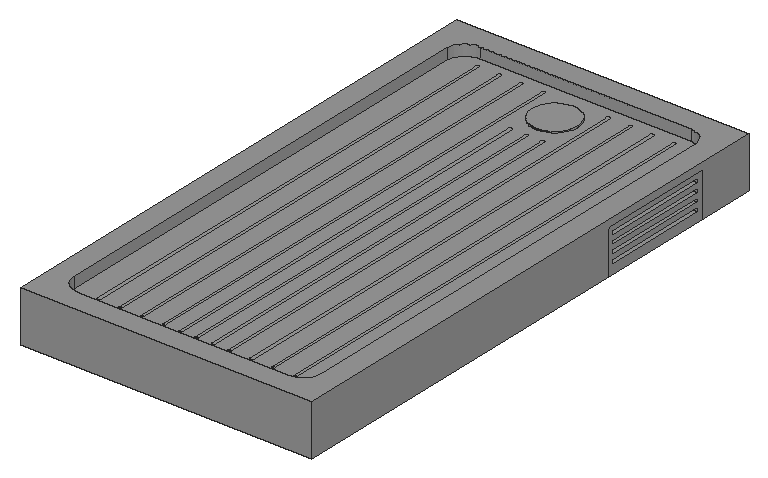
Revit family "RECEPTACULO ZEN CON REJILLA 1600x800", category Plumbing Fixtures, Revit 2019
Family settings
  Round Connector Dimension = Use Diameter
  Part Type = Normal
  OmniClass Number = 23.45.00.00
  OmniClass Title = Sanitary, Laundry, and Cleaning Equipment
  Work Plane-Based = No
  Always vertical = Yes
  Cut with Voids When Loaded = No
  Shared = No
  Room Calculation Point = No
Reference planes
  plane 1 "Center (Front/Back)": y = 0
  plane 2: z = 0
  plane 3 "Center (Left/Right)": x = 0
Forms (mm)
  Extrusion 1, solid
    sketch origin (0, 0, 0) x (1, 0, 0) y (0, 1, 0)
      loop
        line (-50, -370) -> (750, -370) -> (750, 1130) -> (-50, 1130) -> (-50, -370)
    from 0 to 140
  Extrusion 2, void
    sketch origin (0, 0, 0) x (1, 0, 0) y (0, 1, 0)
      loop
        arc (60, 1070) -> (24.645, 1055.355) -> (10, 1020) r 50
        line (10, 1020) -> (10, -260)
        arc (10, -260) -> (24.645, -295.355) -> (60, -310) r 50
        line (60, -310) -> (640, -310)
        arc (640, -310) -> (675.355, -295.355) -> (690, -260) r 50
        line (690, -260) -> (690, 1020)
        arc (690, 1020) -> (675.355, 1055.355) -> (640, 1070) r 50
        line (640, 1070) -> (60, 1070)
    from 110.528 to 155.528
  Extrusion 3, void
    sketch origin (0, 490, 0) x (0, 1, 0) y (0, 0, 1)
      loop
        line (480, 0) -> (480, 120) -> (160, 120) -> (160, 0) -> (480, 0)
    from 722.699 to 750
  Extrusion 4, solid
    sketch origin (0, 490, 0) x (0, 1, 0) y (0, 0, 1)
      loop
        line (160, 0) -> (480, 0) -> (480, 120) -> (160, 120) -> (160, 0)
      loop
        line (172, 24) -> (468, 24) -> (468, 36) -> (172, 36) -> (172, 24)
      loop
        line (468, 108) -> (172, 108) -> (172, 96) -> (468, 96) -> (468, 108)
      loop
        line (172, 84) -> (172, 72) -> (468, 72) -> (468, 84) -> (172, 84)
      loop
        line (172, 60) -> (172, 48) -> (468, 48) -> (468, 60) -> (172, 60)
    from 722.699 to 750
  Extrusion 5, solid
    sketch origin (0, 0, 0) x (1, 0, 0) y (0, 0, 1)
      loop
        line (135.456, 110.528) -> (142.789, 110.528)
        arc (142.789, 110.528) -> (139.122, 112.128) -> (135.456, 110.528) r 5
      loop
        line (195.456, 110.528) -> (202.789, 110.528)
        arc (202.789, 110.528) -> (199.122, 112.128) -> (195.456, 110.528) r 5
      loop
        line (255.456, 110.528) -> (262.789, 110.528)
        arc (262.789, 110.528) -> (259.122, 112.128) -> (255.456, 110.528) r 5
      loop
        line (435.456, 110.528) -> (442.789, 110.528)
        arc (442.789, 110.528) -> (439.122, 112.128) -> (435.456, 110.528) r 5
      loop
        line (495.456, 110.528) -> (502.789, 110.528)
        arc (502.789, 110.528) -> (499.122, 112.128) -> (495.456, 110.528) r 5
      loop
        line (555.456, 110.528) -> (562.789, 110.528)
        arc (562.789, 110.528) -> (559.122, 112.128) -> (555.456, 110.528) r 5
      loop
        line (75.456, 110.528) -> (82.789, 110.528)
        arc (82.789, 110.528) -> (79.122, 112.128) -> (75.456, 110.528) r 5
      loop
        line (615.456, 110.528) -> (622.789, 110.528)
        arc (622.789, 110.528) -> (619.122, 112.128) -> (615.456, 110.528) r 5
    from -1039.94 to 263.789
  Extrusion 6, solid
    sketch origin (0, 0, 0) x (1, 0, 0) y (0, 0, 1)
      loop
        line (345.456, 110.528) -> (352.789, 110.528)
        arc (352.789, 110.528) -> (349.122, 112.128) -> (345.456, 110.528) r 5
      loop
        line (300.456, 110.528) -> (307.789, 110.528)
        arc (307.789, 110.528) -> (304.122, 112.128) -> (300.456, 110.528) r 5
      loop
        line (390.456, 110.528) -> (397.789, 110.528)
        arc (397.789, 110.528) -> (394.122, 112.128) -> (390.456, 110.528) r 5
    from -870.322 to 263.789
  Extrusion 7, solid
    sketch origin (0, 440, 0) x (1, 0, 0) y (0, 1, 0)
      loop
        circle (350, 525) r 62.5
    from 110.528 to 113.586
Cuts and joins
  Extrusion 2, Extrusion 3 cuts Extrusion 1
Lines and regions (mm)
  reference lines
    curve 1: line (0, 1130, 70) -> (0, 970, 70)
Dimensions and locks
  aligned and locked: level to plane 2
